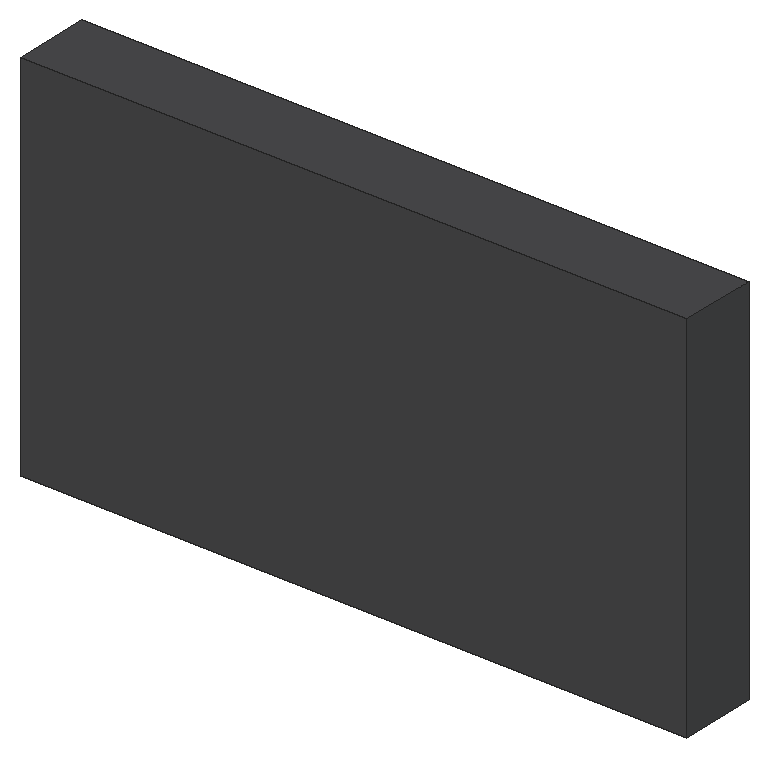
Revit family "Pantalla Modelo LUX_LX650W", category Luminarias, Revit 2019
Family settings
  Cota de conector redondo = Diámetro de uso
  Tipo de pieza = Normal
  Se basa en plano de trabajo = Sí
  Siempre vertical = No
  Corte con vacíos al cargar = No
  Origen de luz = No
  Compartido = No
  Punto de cálculo de habitación = No
Parameters (values of type "Pantalla Modelo LUX_LX650W.4")
  Zone [instance] = ""
  Watt per fixture = 650
  Keynote = ""
  Modulo largo = 609.9 mm
  Modulo alto = 343.1 mm
  Modelo = "LX650W.4"
  Lámpara = "SMD 1514"
  Fabricante = "BRILLANT"
  Espesor = 70 mm
  Default Elevation = 0 mm
  Descripción = "PANTALLA MODELO LUX, GABINETE LIGERO Y DELGADO, CODIGO LX650W.4, MODELO LUX 4, PIXEL PITCH 1.9MM, DENSIDAD FISICA LED 275,267 PIXEL/M2, TIPO DE LED SMD1514, CONFIGURACION DEL PIXEL 1R1G1B (3 EN 1), TAMAÑO DE GABINETE 609.92X343.08MM, RESOLUCION DE GABINETE 384X216 DOT, 2 PIEZAS POR CADA GABINETE/MODULO, PESO 10kg/PIEZA, MATERIAL DIE CAST ALUMINIO, BRILLO A 300-800 CD/M2, CONTRASTE >2000:1, ANGULO DE VISION 140 GRADOS EN HORIZONTAL Y EJE VERTICAL, ESCALA DE GRISES 14 BITS/8192 LEVEL, CONSUMO MAXIMO DE ENERGIA 650W, CONSUMO DE ENERGIA PROMEDIO 300W, DISTANCIA MINIMA DE VISUALIZACION 2M, FRECUENCIA DE ACTUALIZACION >2880Hz, TAMAÑO DEL MODULO 152.48X114.36MM, RESOLUCION 80X60, CORRIENTE CONSTANTE, TEMPERATURA DE OPERACIÓN -10 a 50C, AJUSTE DE BRILLO 0-100%, TEMPERATURA DE COLOR 5000K, 6500K, 9300K, 12000K, FUENTE DE ALIMENTACION AC90260V,50 60Hz, SEÑAL DE ENTRADA SVIDEO/RGB/RGBHV/YUV/YC, SISTEMA OPERATIVO WINDOWS (98, 2000, XP, VISTA), CONTROL POR SINCRONIZACION CON PC, DISTANCIA DE CONTROL UTP CAT5E:100M MULTI MODO, HUMEDAD DE FUNCIONAMIENTO 1090%RH, DURACION 10000Hrs, IP 43, PRECISION MONTAJE >1MM, TASA DE CONTROL 0.01%."
  Comentarios de vataje = "90-260V"
  Circuit [instance] = ""
Types (3, lengths in mm): name | Modelo | Lámpara | Descripción
  Pantalla Modelo LUX_LX650W.2 | "LX650W.2" | "SMD 1514" | "PANTALLA MODELO LUX, GABINETE LIGERO Y DELGADO, CODIGO LX650W.2, MODELO LUX 2, PIXEL PITCH 2.54MM, DENSIDAD FISICA LED 154,837 PIXEL/M2, TIPO DE LED SMD1514, CONFIGURACION DEL PIXEL 1R1G1B (3 EN 1), TAMAÑO DE GABINETE 609.92X343.08MM, RESOLUCION DE GABINETE 240X135 DOT, 2 PIEZAS POR CADA GABINETE/MODULO, PESO 10kg/PIEZA, MATERIAL DIE CAST ALUMINIO, BRILLO A 300-800 CD/M2, CONTRASTE >2000:1, ANGULO DE VISION 140 GRADOS EN HORIZONTAL Y EJE VERTICAL, ESCALA DE GRISES 14 BITS/8192 LEVEL, CONSUMO MAXIMO DE ENERGIA 650W, CONSUMO DE ENERGIA PROMEDIO 300W, DISTANCIA MINIMA DE VISUALIZACION 3M, FRECUENCIA DE ACTUALIZACION >2880Hz, TAMAÑO DEL MODULO 152.48X114.36MM, RESOLUCION 60X45, CORRIENTE CONSTANTE, TEMPERATURA DE OPERACIÓN -10 a 50C, AJUSTE DE BRILLO 0-100%, TEMPERATURA DE COLOR 5000K, 6500K, 9300K, 12000K, FUENTE DE ALIMENTACION AC90260V,50 60Hz, SEÑAL DE ENTRADA SVIDEO/RGB/RGBHV/YUV/YC, SISTEMA OPERATIVO WINDOWS (98, 2000, XP, VISTA), CONTROL POR SINCRONIZACION CON PC, DISTANCIA DE CONTROL UTP CAT5E:100M MULTI MODO, HUMEDAD DE FUNCIONAMIENTO 1090%RH, DURACION 10000Hrs, IP 43, PRECISION MONTAJE >1MM, TASA DE CONTROL 0.01%."
  Pantalla Modelo LUX_LX650W.3 | "LX650W.3" | "SMD 1010" | "PANTALLA MODELO LUX, GABINETE LIGERO Y DELGADO, CODIGO LX650W.3, MODELO LUX 3, PIXEL PITCH 1.58MM, DENSIDAD FISICA LED 396,384 PIXEL/M2, TIPO DE LED SMD1010, CONFIGURACION DEL PIXEL 1R1G1B (3 EN 1), TAMAÑO DE GABINETE 609.92X343.08MM, RESOLUCION DE GABINETE 384X216 DOT, 2 PIEZAS POR CADA GABINETE/MODULO, PESO 10kg/PIEZA, MATERIAL DIE CAST ALUMINIO, BRILLO A 300-800 CD/M2, CONTRASTE >2000:1, ANGULO DE VISION 140 GRADOS EN HORIZONTAL Y EJE VERTICAL, ESCALA DE GRISES 14 BITS/8192 LEVEL, CONSUMO MAXIMO DE ENERGIA 650W, CONSUMO DE ENERGIA PROMEDIO 300W, DISTANCIA MINIMA DE VISUALIZACION 2M, FRECUENCIA DE ACTUALIZACION >2880Hz, TAMAÑO DEL MODULO 152.48X114.36MM, RESOLUCION 96X72, CORRIENTE CONSTANTE, TEMPERATURA DE OPERACIÓN -10 a 50C, AJUSTE DE BRILLO 0-100%, TEMPERATURA DE COLOR 5000K, 6500K, 9300K, 12000K, FUENTE DE ALIMENTACION AC90260V,50 60Hz, SEÑAL DE ENTRADA SVIDEO/RGB/RGBHV/YUV/YC, SISTEMA OPERATIVO WINDOWS (98, 2000, XP, VISTA), CONTROL POR SINCRONIZACION CON PC, DISTANCIA DE CONTROL UTP CAT5E:100M MULTI MODO, HUMEDAD DE FUNCIONAMIENTO 1090%RH, DURACION 10000Hrs, IP 43, PRECISION MONTAJE >1MM, TASA DE CONTROL 0.01%.MODO, HUMEDAD DE FUNCIONAMIENTO 1090%RH, DURACION 10000Hrs, IP 43, PRECISION MONTAJE >1MM, TASA DE CONTROL 0.01%."
  Pantalla Modelo LUX_LX650W.4 | "LX650W.4" | "SMD 1514" | "PANTALLA MODELO LUX, GABINETE LIGERO Y DELGADO, CODIGO LX650W.4, MODELO LUX 4, PIXEL PITCH 1.9MM, DENSIDAD FISICA LED 275,267 PIXEL/M2, TIPO DE LED SMD1514, CONFIGURACION DEL PIXEL 1R1G1B (3 EN 1), TAMAÑO DE GABINETE 609.92X343.08MM, RESOLUCION DE GABINETE 384X216 DOT, 2 PIEZAS POR CADA GABINETE/MODULO, PESO 10kg/PIEZA, MATERIAL DIE CAST ALUMINIO, BRILLO A 300-800 CD/M2, CONTRASTE >2000:1, ANGULO DE VISION 140 GRADOS EN HORIZONTAL Y EJE VERTICAL, ESCALA DE GRISES 14 BITS/8192 LEVEL, CONSUMO MAXIMO DE ENERGIA 650W, CONSUMO DE ENERGIA PROMEDIO 300W, DISTANCIA MINIMA DE VISUALIZACION 2M, FRECUENCIA DE ACTUALIZACION >2880Hz, TAMAÑO DEL MODULO 152.48X114.36MM, RESOLUCION 80X60, CORRIENTE CONSTANTE, TEMPERATURA DE OPERACIÓN -10 a 50C, AJUSTE DE BRILLO 0-100%, TEMPERATURA DE COLOR 5000K, 6500K, 9300K, 12000K, FUENTE DE ALIMENTACION AC90260V,50 60Hz, SEÑAL DE ENTRADA SVIDEO/RGB/RGBHV/YUV/YC, SISTEMA OPERATIVO WINDOWS (98, 2000, XP, VISTA), CONTROL POR SINCRONIZACION CON PC, DISTANCIA DE CONTROL UTP CAT5E:100M MULTI MODO, HUMEDAD DE FUNCIONAMIENTO 1090%RH, DURACION 10000Hrs, IP 43, PRECISION MONTAJE >1MM, TASA DE CONTROL 0.01%."
Reference planes
  plane 1 "Centro (Frontal/Posterior)": y = 0
  plane 2: z = 0
  plane 3 "Centro (Izquierda/Derecha)": x = 0
  plane 4: z = 343.1
  plane 5: x = -304.95
  plane 6: x = 304.95
  plane 7: y = 70
  plane 8: z = 16
Forms (mm)
  Extrusion 1, solid, material "Plastico"
    sketch origin (0, 0, 0) x (1, 0, 0) y (0, 1, 0)
      loop
        line (-304.95, 0) -> (304.95, 0) -> (304.95, 70) -> (-304.95, 70) -> (-304.95, 0)
    from 0 to 343.1
  Revolve 2, solid, material "Cristal", not visible
    sketch origin (-152, 0, 0) x (0, 1, 0) y (0, 0, -1)
      loop
        line (0, -8.749) -> (0, -7.25) -> (-1.499, -7.25)
        arc (-1.499, -7.25) -> (-1.06, -8.31) -> (0, -8.749) r 1.499
      axis (0, -7.25) -> (-1.499, -7.25)
    angle from 0 to 360
  Revolve 3, solid, material "Cristal", not visible
    sketch origin (-136, 0, 0) x (0, 1, 0) y (0, 0, -1)
      loop
        line (0, -8.749) -> (0, -7.25) -> (-1.499, -7.25)
        arc (-1.499, -7.25) -> (-1.06, -8.31) -> (0, -8.749) r 1.499
      axis (0, -7.25) -> (-1.499, -7.25)
    angle from 0 to 360
  Revolve 4, solid, material "Cristal", not visible
    sketch origin (-120, 0, 0) x (0, 1, 0) y (0, 0, -1)
      loop
        line (0, -8.749) -> (0, -7.25) -> (-1.499, -7.25)
        arc (-1.499, -7.25) -> (-1.06, -8.31) -> (0, -8.749) r 1.499
      axis (0, -7.25) -> (-1.499, -7.25)
    angle from 0 to 360
  Revolve 5, solid, material "Cristal", not visible
    sketch origin (-104, 0, 0) x (0, 1, 0) y (0, 0, -1)
      loop
        line (0, -8.749) -> (0, -7.25) -> (-1.499, -7.25)
        arc (-1.499, -7.25) -> (-1.06, -8.31) -> (0, -8.749) r 1.499
      axis (0, -7.25) -> (-1.499, -7.25)
    angle from 0 to 360
  Revolve 6, solid, material "Cristal", not visible
    sketch origin (-88, 0, 0) x (0, 1, 0) y (0, 0, -1)
      loop
        line (0, -8.749) -> (0, -7.25) -> (-1.499, -7.25)
        arc (-1.499, -7.25) -> (-1.06, -8.31) -> (0, -8.749) r 1.499
      axis (0, -7.25) -> (-1.499, -7.25)
    angle from 0 to 360
  Revolve 7, solid, material "Cristal", not visible
    sketch origin (-72, 0, 0) x (0, 1, 0) y (0, 0, -1)
      loop
        line (0, -8.749) -> (0, -7.25) -> (-1.499, -7.25)
        arc (-1.499, -7.25) -> (-1.06, -8.31) -> (0, -8.749) r 1.499
      axis (0, -7.25) -> (-1.499, -7.25)
    angle from 0 to 360
  Revolve 8, solid, material "Cristal", not visible
    sketch origin (-56, 0, 0) x (0, 1, 0) y (0, 0, -1)
      loop
        line (0, -8.749) -> (0, -7.25) -> (-1.499, -7.25)
        arc (-1.499, -7.25) -> (-1.06, -8.31) -> (0, -8.749) r 1.499
      axis (0, -7.25) -> (-1.499, -7.25)
    angle from 0 to 360
  Revolve 9, solid, material "Cristal", not visible
    sketch origin (-40, 0, 0) x (0, 1, 0) y (0, 0, -1)
      loop
        line (0, -8.749) -> (0, -7.25) -> (-1.499, -7.25)
        arc (-1.499, -7.25) -> (-1.06, -8.31) -> (0, -8.749) r 1.499
      axis (0, -7.25) -> (-1.499, -7.25)
    angle from 0 to 360
  Revolve 10, solid, material "Cristal", not visible
    sketch origin (-24, 0, 0) x (0, 1, 0) y (0, 0, -1)
      loop
        line (0, -8.749) -> (0, -7.25) -> (-1.499, -7.25)
        arc (-1.499, -7.25) -> (-1.06, -8.31) -> (0, -8.749) r 1.499
      axis (0, -7.25) -> (-1.499, -7.25)
    angle from 0 to 360
  Revolve 11, solid, material "Cristal", not visible
    sketch origin (-8, 0, 0) x (0, 1, 0) y (0, 0, -1)
      loop
        line (0, -8.749) -> (0, -7.25) -> (-1.499, -7.25)
        arc (-1.499, -7.25) -> (-1.06, -8.31) -> (0, -8.749) r 1.499
      axis (0, -7.25) -> (-1.499, -7.25)
    angle from 0 to 360
  Revolve 12, solid, material "Cristal", not visible
    sketch origin (8, 0, 0) x (0, 1, 0) y (0, 0, -1)
      loop
        line (0, -8.749) -> (0, -7.25) -> (-1.499, -7.25)
        arc (-1.499, -7.25) -> (-1.06, -8.31) -> (0, -8.749) r 1.499
      axis (0, -7.25) -> (-1.499, -7.25)
    angle from 0 to 360
  Revolve 13, solid, material "Cristal", not visible
    sketch origin (24, 0, 0) x (0, 1, 0) y (0, 0, -1)
      loop
        line (0, -8.749) -> (0, -7.25) -> (-1.499, -7.25)
        arc (-1.499, -7.25) -> (-1.06, -8.31) -> (0, -8.749) r 1.499
      axis (0, -7.25) -> (-1.499, -7.25)
    angle from 0 to 360
  Revolve 14, solid, material "Cristal", not visible
    sketch origin (40, 0, 0) x (0, 1, 0) y (0, 0, -1)
      loop
        line (0, -8.749) -> (0, -7.25) -> (-1.499, -7.25)
        arc (-1.499, -7.25) -> (-1.06, -8.31) -> (0, -8.749) r 1.499
      axis (0, -7.25) -> (-1.499, -7.25)
    angle from 0 to 360
  Revolve 15, solid, material "Cristal", not visible
    sketch origin (56, 0, 0) x (0, 1, 0) y (0, 0, -1)
      loop
        line (0, -8.749) -> (0, -7.25) -> (-1.499, -7.25)
        arc (-1.499, -7.25) -> (-1.06, -8.31) -> (0, -8.749) r 1.499
      axis (0, -7.25) -> (-1.499, -7.25)
    angle from 0 to 360
  Revolve 16, solid, material "Cristal", not visible
    sketch origin (72, 0, 0) x (0, 1, 0) y (0, 0, -1)
      loop
        line (0, -8.749) -> (0, -7.25) -> (-1.499, -7.25)
        arc (-1.499, -7.25) -> (-1.06, -8.31) -> (0, -8.749) r 1.499
      axis (0, -7.25) -> (-1.499, -7.25)
    angle from 0 to 360
  Revolve 17, solid, material "Cristal", not visible
    sketch origin (88, 0, 0) x (0, 1, 0) y (0, 0, -1)
      loop
        line (0, -8.749) -> (0, -7.25) -> (-1.499, -7.25)
        arc (-1.499, -7.25) -> (-1.06, -8.31) -> (0, -8.749) r 1.499
      axis (0, -7.25) -> (-1.499, -7.25)
    angle from 0 to 360
  Revolve 18, solid, material "Cristal", not visible
    sketch origin (104, 0, 0) x (0, 1, 0) y (0, 0, -1)
      loop
        line (0, -8.749) -> (0, -7.25) -> (-1.499, -7.25)
        arc (-1.499, -7.25) -> (-1.06, -8.31) -> (0, -8.749) r 1.499
      axis (0, -7.25) -> (-1.499, -7.25)
    angle from 0 to 360
  Revolve 19, solid, material "Cristal", not visible
    sketch origin (120, 0, 0) x (0, 1, 0) y (0, 0, -1)
      loop
        line (0, -8.749) -> (0, -7.25) -> (-1.499, -7.25)
        arc (-1.499, -7.25) -> (-1.06, -8.31) -> (0, -8.749) r 1.499
      axis (0, -7.25) -> (-1.499, -7.25)
    angle from 0 to 360
  Revolve 20, solid, material "Cristal", not visible
    sketch origin (136, 0, 0) x (0, 1, 0) y (0, 0, -1)
      loop
        line (0, -8.749) -> (0, -7.25) -> (-1.499, -7.25)
        arc (-1.499, -7.25) -> (-1.06, -8.31) -> (0, -8.749) r 1.499
      axis (0, -7.25) -> (-1.499, -7.25)
    angle from 0 to 360
  Revolve 21, solid, material "Cristal", not visible
    sketch origin (152, 0, 0) x (0, 1, 0) y (0, 0, -1)
      loop
        line (0, -8.749) -> (0, -7.25) -> (-1.499, -7.25)
        arc (-1.499, -7.25) -> (-1.06, -8.31) -> (0, -8.749) r 1.499
      axis (0, -7.25) -> (-1.499, -7.25)
    angle from 0 to 360
Dimensions and locks
  "Modulo alto": plane 4 to level
  equal spacing: plane 6, plane 3 "Centro (Izquierda/Derecha)", plane 5
  "Modulo largo": plane 6 to plane 5
  plane 3 "Centro (Izquierda/Derecha)" to plane 5 = 304.95 mm
  "Espesor": plane 1 "Centro (Frontal/Posterior)" to plane 7
  locked: plane 8 to plane 2 at 16
  aligned and locked: Extrusion 1 to plane 4
  aligned and locked: Extrusion 1 to plane 5
  aligned and locked: Extrusion 1 to plane 6
  aligned and locked: Extrusion 1 to plane 7
  aligned and locked: level to plane 2
Automatic sketch dimensions
  Revolve 2 sketch curve to Revolve 2 sketch curve = 1.499 mm
  Revolve 2 sketch curve to Revolve 2 sketch curve = 3.099 mm
  Revolve 2 sketch curve to Revolve 2 sketch curve = 0 mm  (x2)
  Revolve 3 sketch curve to Revolve 3 sketch curve = 1.499 mm
  Revolve 3 sketch curve to Revolve 3 sketch curve = 3.099 mm
  Revolve 3 sketch curve to Revolve 3 sketch curve = 0 mm  (x2)
  Revolve 4 sketch curve to Revolve 4 sketch curve = 1.499 mm
  Revolve 4 sketch curve to Revolve 4 sketch curve = 3.099 mm
  Revolve 4 sketch curve to Revolve 4 sketch curve = 0 mm  (x2)
  Revolve 5 sketch curve to Revolve 5 sketch curve = 1.499 mm
  Revolve 5 sketch curve to Revolve 5 sketch curve = 3.099 mm
  Revolve 5 sketch curve to Revolve 5 sketch curve = 0 mm  (x2)
  Revolve 6 sketch curve to Revolve 6 sketch curve = 1.499 mm
  Revolve 6 sketch curve to Revolve 6 sketch curve = 3.099 mm
  Revolve 6 sketch curve to Revolve 6 sketch curve = 0 mm  (x2)
  Revolve 7 sketch curve to Revolve 7 sketch curve = 1.499 mm
  Revolve 7 sketch curve to Revolve 7 sketch curve = 3.099 mm
  Revolve 7 sketch curve to Revolve 7 sketch curve = 0 mm  (x2)
  Revolve 8 sketch curve to Revolve 8 sketch curve = 1.499 mm
  Revolve 8 sketch curve to Revolve 8 sketch curve = 3.099 mm
  Revolve 8 sketch curve to Revolve 8 sketch curve = 0 mm  (x2)
  Revolve 9 sketch curve to Revolve 9 sketch curve = 1.499 mm
  Revolve 9 sketch curve to Revolve 9 sketch curve = 3.099 mm
  Revolve 9 sketch curve to Revolve 9 sketch curve = 0 mm  (x2)
  Revolve 10 sketch curve to Revolve 10 sketch curve = 1.499 mm
  Revolve 10 sketch curve to Revolve 10 sketch curve = 3.099 mm
  Revolve 10 sketch curve to Revolve 10 sketch curve = 0 mm  (x2)
  Revolve 11 sketch curve to Revolve 11 sketch curve = 1.499 mm
  Revolve 11 sketch curve to Revolve 11 sketch curve = 3.099 mm
  Revolve 11 sketch curve to Revolve 11 sketch curve = 0 mm  (x2)
  Revolve 12 sketch curve to Revolve 12 sketch curve = 1.499 mm
  Revolve 12 sketch curve to Revolve 12 sketch curve = 3.099 mm
  Revolve 12 sketch curve to Revolve 12 sketch curve = 0 mm  (x2)
  Revolve 13 sketch curve to Revolve 13 sketch curve = 1.499 mm
  Revolve 13 sketch curve to Revolve 13 sketch curve = 3.099 mm
  Revolve 13 sketch curve to Revolve 13 sketch curve = 0 mm  (x2)
  Revolve 14 sketch curve to Revolve 14 sketch curve = 1.499 mm
  Revolve 14 sketch curve to Revolve 14 sketch curve = 3.099 mm
  Revolve 14 sketch curve to Revolve 14 sketch curve = 0 mm  (x2)
  Revolve 15 sketch curve to Revolve 15 sketch curve = 1.499 mm
  Revolve 15 sketch curve to Revolve 15 sketch curve = 3.099 mm
  Revolve 15 sketch curve to Revolve 15 sketch curve = 0 mm  (x2)
  Revolve 16 sketch curve to Revolve 16 sketch curve = 1.499 mm
  Revolve 16 sketch curve to Revolve 16 sketch curve = 3.099 mm
  Revolve 16 sketch curve to Revolve 16 sketch curve = 0 mm  (x2)
  Revolve 17 sketch curve to Revolve 17 sketch curve = 1.499 mm
  Revolve 17 sketch curve to Revolve 17 sketch curve = 3.099 mm
  Revolve 17 sketch curve to Revolve 17 sketch curve = 0 mm  (x2)
  Revolve 18 sketch curve to Revolve 18 sketch curve = 1.499 mm
  Revolve 18 sketch curve to Revolve 18 sketch curve = 3.099 mm
  Revolve 18 sketch curve to Revolve 18 sketch curve = 0 mm  (x2)
  Revolve 19 sketch curve to Revolve 19 sketch curve = 1.499 mm
  Revolve 19 sketch curve to Revolve 19 sketch curve = 3.099 mm
  Revolve 19 sketch curve to Revolve 19 sketch curve = 0 mm  (x2)
  Revolve 20 sketch curve to Revolve 20 sketch curve = 1.499 mm
  Revolve 20 sketch curve to Revolve 20 sketch curve = 3.099 mm
  Revolve 20 sketch curve to Revolve 20 sketch curve = 0 mm  (x2)
  Revolve 21 sketch curve to Revolve 21 sketch curve = 1.499 mm
  Revolve 21 sketch curve to Revolve 21 sketch curve = 3.099 mm
  Revolve 21 sketch curve to Revolve 21 sketch curve = 0 mm  (x2)
  Extrusion 1 sketch curve to plane 5 = 0 mm
  Extrusion 1 sketch curve to plane 6 = 0 mm
  plane 1 "Centro (Frontal/Posterior)" to Extrusion 1 sketch curve = 0 mm
  Extrusion 1 sketch curve to plane 7 = 0 mm
Connectors
  electrical at (0, 70, 171.55)
    settings: on Extrusion 1, index 1, voltage 260 V, apparent load 0 VA, apparent load phase1 0 VA, apparent load phase2 0 VA, apparent load phase3 0 VA, power factor 1, load classification "Otro", number of poles 1, system type 31, power factor state 1, is connector primary yes, connector utility no, sub classification motor no, connector description ""
